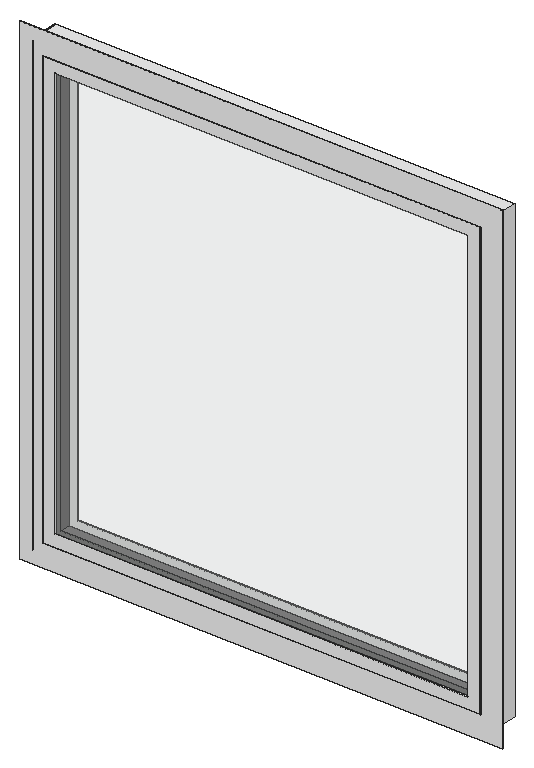
Revit family "Casement_28_E_Top_Hung_Custom", category Windows, host Wall, Revit 2014
Parameters (values of type "Casement_Sash_DG")
  Width Sash [instance] = 30 mm
  Width Sash Inner = 15 mm
  Width Bead = 15 mm
  Top Hung [instance] = yes
  Side Hung Right [instance] = yes
  Side Hung Left [instance] = yes
  Sash Opening Width [instance] = 600 mm
  Sash Opening Height [instance] = 600.312 mm
  Sash Lip = 15 mm
  Glazing Material [instance] = Glass
  DG Start Piece 2 [instance] = DG End Piece 1 + DG Gasket Thickness  # 25 mm
  DG Start Peice 1 [instance] = (Depth Sash - (2 * DG Glazing Thickness) - DG Gasket Thickness) / 2  # 6.6 mm
  Glazing Offset = 5 mm
  DG Glazing Thickness [instance] = 6.4 mm
  DG Gasket Thickness = 12 mm  # constant formula
  DG Gasket Material [instance] = Double Glazing Gasket Material
  DG End Piece 2 [instance] = DG Start Piece 2 + DG Glazing Thickness  # 31.4 mm
  DG End Piece 1 [instance] = DG Start Peice 1 + DG Glazing Thickness  # 13 mm
  Depth Sash [instance] = 38 mm
  Center Vertical Sash [instance] = Sash Opening Height / 2  # 300.156 mm
  Center Horizontal Sash [instance] = Sash Opening Width / 2  # 300 mm
  Bottom Hung [instance] = yes
  Bead Offset = 15 mm
  Aluminium Thickness = 1 mm
  Aluminium Material [instance] = White Powder Coated Aluminium
Reference planes
  plane 1 "Center (Front/Back)": y = 0
  plane 2: z = 0
  plane 3 "Center (Left/Right)": x = 0
Forms (mm)
  Sweep 1, solid, material "White Powder Coated Aluminium" <- "Aluminium Material"
    path origin (16.177, 0, 121.331) x (1, 0, 0) y (0, 0, 1)
      loop
        line (0, 0) -> (600, 0) -> (600, 600.312) -> (0, 600.312) -> (0, 0)
    profile origin (316.177, 0, 121.331) x (0, 0, 1) y (0, -1, 0)
      loop
        line (0, 0) -> (30, 0) -> (30, 1) -> (15, 1) -> (15, 38) -> (-15, 38) -> (-15, 37) -> (0, 37) -> (0, 0)
      loop
        line (14, 1) -> (14, 37) -> (1, 37) -> (1, 1) -> (14, 1)
  Sweep 2, solid, material "White Powder Coated Aluminium" <- "Aluminium Material"
    path origin (0, 0, 0) x (1, 0, 0) y (0, 0, 1)
      loop
        line (31.177, 706.643) -> (31.177, 136.331) -> (601.177, 136.331) -> (601.177, 706.643) -> (31.177, 706.643)
    profile origin (316.177, 0, 706.643) x (0, 0, 1) y (0, -1, 0)
      loop
        line (0, 37) -> (0, 38) -> (-15, 38) -> (-15, 37) -> (0, 37)
  Extrusion 3, solid, material "Glass" <- "Glazing Material"
    sketch origin (0, 0, 0) x (1, 0, 0) y (0, 0, 1)
      loop
        line (36.177, 701.643) -> (36.177, 141.331) -> (596.177, 141.331) -> (596.177, 701.643) -> (36.177, 701.643)
    from 6.6 <- "DG Start Peice 1" to 13 <- "DG End Piece 1"
  Extrusion 4, solid, material "Glass" <- "Glazing Material"
    sketch origin (0, 0, 0) x (1, 0, 0) y (0, 0, 1)
      loop
        line (36.177, 701.643) -> (36.177, 141.331) -> (596.177, 141.331) -> (596.177, 701.643) -> (36.177, 701.643)
    from 31.4 <- "DG End Piece 2" to 25 <- "DG Start Piece 2"
  Sweep 5, solid, material "Double Glazing Gasket Material" <- "DG Gasket Material"
    path origin (0, -13, 0) x (1, 0, 0) y (0, 0, 1)
      loop
        line (36.177, 701.643) -> (36.177, 141.331) -> (596.177, 141.331) -> (596.177, 701.643) -> (36.177, 701.643)
    profile origin (316.177, -13, 701.643) x (0, 0, 1) y (0, -1, 0)
      loop
        line (0, 0) -> (0, 12) -> (-7.96, 12) -> (-7.96, 0) -> (0, 0)
Lines and regions (mm)
  model lines
    curve 1: line (1.177, -38, 736.643) -> (31.177, -38, 706.643)
    curve 2: line (601.177, -38, 706.643) -> (631.177, -38, 736.643)
    curve 3: line (601.177, -38, 136.331) -> (631.177, -38, 106.331)
    curve 4: line (1.177, -38, 106.331) -> (31.177, -38, 136.331)
    curve 5: line (631.177, -37, 736.643) -> (616.177, -37, 721.643)
    curve 6: line (1.177, -37, 736.643) -> (16.177, -37, 721.643)
    curve 7: line (1.177, -37, 106.331) -> (16.177, -37, 121.331)
    curve 8: line (631.177, -37, 106.331) -> (616.177, -37, 121.331)
    curve 9: line (616.177, 0, 121.331) -> (586.177, 0, 151.331)
    curve 10: line (46.177, 0, 151.331) -> (16.177, 0, 121.331)
    curve 11: line (616.177, 0, 721.643) -> (586.177, 0, 691.643)
    curve 12: line (46.177, 0, 691.643) -> (16.177, 0, 721.643)
    curve 13: line (31.177, -38, 691.643) -> (46.177, -38, 691.643)
    curve 14: line (586.177, -38, 691.643) -> (601.177, -38, 691.643)
    curve 15: line (586.177, -38, 151.331) -> (601.177, -38, 151.331)
    curve 16: line (31.177, -38, 151.331) -> (46.177, -38, 151.331)
  model lines, style "GenericModelHiddenLines", visible <- "Top Hung"
    curve 17: line (46.386, -31.4, 690.914) -> (316.177, -31.4, 151.331)
    curve 18: line (316.177, -31.4, 151.331) -> (586.177, -31.4, 691.331)
  model lines, style "GenericModelHiddenLines", visible <- "Bottom Hung"
    curve 19: line (46.177, -31.4, 151.331) -> (316.177, -31.4, 691.331)
    curve 20: line (316.177, -31.4, 691.331) -> (586.177, -31.4, 151.331)
  model lines, style "GenericModelHiddenLines", visible <- "Side Hung Left"
    curve 21: line (46.386, -31.4, 690.914) -> (585.24, -31.4, 421.487)
    curve 22: line (585.24, -31.4, 421.487) -> (46.177, -31.4, 151.331)
  model lines, style "GenericModelHiddenLines", visible <- "Side Hung Right"
    curve 23: line (586.177, -31.4, 691.331) -> (46.177, -31.4, 421.487)
    curve 24: line (46.177, -31.4, 421.487) -> (586.177, -31.4, 151.331)
Dimensions and locks
  "Aluminium Thickness": Sweep 1 sketch curve to Sweep 1 sketch curve  (x4)
  "Depth Sash": Sweep 1 sketch curve to Sweep 1 sketch curve
  "Sash Opening Width": Sweep 1 to Sweep 1
  "Sash Opening Height": Sweep 1 to Sweep 1
  "Width Sash": Sweep 1 sketch curve to Sweep 1 sketch curve  (x2)
  "Width Sash Inner": Sweep 1 sketch curve to Sweep 1 sketch curve
  "Sash Lip": Sweep 1 sketch curve to Sweep 1 sketch curve
  "Aluminium Thickness": Sweep 1 to Sweep 2 sketch curve
  "Glazing Offset": Sweep 2 to Extrusion 3 sketch curve  (x3)
  "Glazing Offset": Extrusion 3 sketch curve to Sweep 2
  Sweep 1 to Sweep 1 = 1 mm
  "Aluminium Thickness": Sweep 2 sketch curve to Sweep 2 sketch curve
  "Width Bead": Sweep 2 sketch curve to Sweep 2 sketch curve
  locked: Sweep 5 sketch curve to Sweep 5 sketch curve at 7.96
  "Center Horizontal Sash": Sweep 1 to curve 18
  "Center Horizontal Sash": Sweep 1 to curve 20
  "Center Vertical Sash": Sweep 1 to curve 22
  "Center Vertical Sash": Sweep 1 to curve 24
  aligned and locked: level to plane 2
  aligned and locked: Sweep 1 sketch curve to Sweep 1 sketch curve  (x2)
  aligned and locked: Sweep 2 sketch curve to Sweep 1  (x5)
  aligned and locked: Extrusion 4 sketch curve to Extrusion 3  (x4)
  aligned and locked: Sweep 5 sketch curve to Extrusion 3  (x5)
  aligned and locked: Extrusion 3 to Sweep 5 sketch curve
Automatic sketch dimensions
  plane 3 "Center (Left/Right)" to Sweep 1 sketch curve = 16.177 mm
  level to Sweep 1 sketch curve = 121.331 mm
  plane 3 "Center (Left/Right)" to Sweep 1 sketch curve = 616.177 mm
  level to Sweep 1 sketch curve = 721.643 mm
  profile plane to Sweep 5 sketch curve = 12 mm
  curve 7 to Sweep 1 = 0 mm  (x4)
  curve 6 to Sweep 1 = 0 mm  (x3)
  Sweep 1 to curve 6 = 0 mm
  curve 5 to Sweep 1 = 0 mm  (x3)
  curve 8 to Sweep 1 = 0 mm  (x4)
  Sweep 1 to curve 5 = 0 mm
  curve 16 to Sweep 2 = 0 mm  (x3)
  curve 13 to Sweep 2 = 0 mm  (x3)
  curve 15 to Sweep 2 = 0 mm
  Sweep 2 to curve 15 = 0 mm  (x2)
  curve 14 to Sweep 2 = 0 mm  (x2)
  Sweep 2 to curve 14 = 0 mm
  curve 1 to Sweep 1 = 0 mm  (x4)
  curve 4 to Sweep 1 = 0 mm  (x3)
  Sweep 1 to curve 4 = 0 mm
  curve 3 to Sweep 1 = 0 mm  (x3)
  curve 2 to Sweep 1 = 0 mm  (x4)
  Sweep 1 to curve 3 = 0 mm
  curve 10 to Sweep 1 = 0 mm  (x4)
  curve 12 to Sweep 1 = 0 mm  (x3)
  Sweep 1 to curve 12 = 0 mm
  curve 9 to Sweep 1 = 0 mm  (x4)
  curve 11 to Sweep 1 = 0 mm  (x3)
  Sweep 1 to curve 11 = 0 mm
  Sweep 1 sketch curve to plane 1 "Center (Front/Back)" = 0 mm
  profile plane to Sweep 1 sketch curve = 0 mm
  curve 21 to Extrusion 4 = 10.208 mm
  curve 19 to Extrusion 4 = 10 mm
  curve 23 to Extrusion 4 = 10 mm  (x2)
  curve 22 to Extrusion 4 = 10.937 mm
  curve 20 to Extrusion 4 = 10 mm
  curve 24 to Extrusion 4 = 10 mm
  curve 22 to Extrusion 4 = 10 mm
  curve 18 to Extrusion 4 = 10 mm
  curve 21 to Extrusion 4 = 10.729 mm
  curve 19 to Extrusion 4 = 10.312 mm
  curve 18 to Extrusion 4 = 10.312 mm
